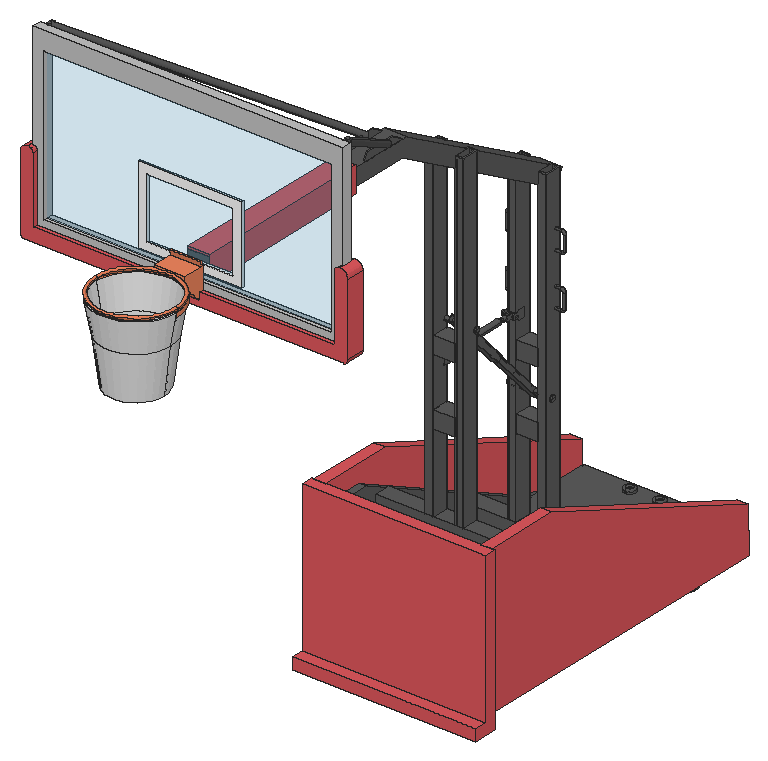
Revit family "Gymnasium-Eqpt_Basketball_IPIbybison_BA895G", category Specialty Equipment, Revit 2018 (continued)
Definition of nested family "Backboard_BA42XLGlass"
  Automatic sketch dimensions
    Extrusion 2 sketch curve to Extrusion 2 sketch curve = 0' - 1"  (x4)
    Extrusion 2 sketch curve to Extrusion 2 sketch curve = 0' - 1 3/4"
    Extrusion 2 sketch curve to Extrusion 2 sketch curve = 0' - 0 1/4"
    level to Extrusion 2 sketch curve = 0' - 10.4443"
    plane 3 "Center (Left/Right)" to Extrusion 2 sketch curve = 2' - 10.98582"
    Extrusion 2 sketch curve to Extrusion 2 sketch curve = 0' - 0.27835"
    Extrusion 2 sketch curve to Extrusion 2 sketch curve = 0' - 2.02835"
    Extrusion 2 sketch curve to level = 0' - 4.91435"
    Extrusion 2 sketch curve to Extrusion 2 sketch curve = 0' - 2.14135"
    Revolve 3 sketch curve to plane 3 "Center (Left/Right)" = 0' - 0"
    Revolve 3 sketch curve to plane 3 "Center (Left/Right)" = 0' - 6.38167"
    Revolve 3 sketch curve to Revolve 3 sketch curve = 0' - 0.25246"
    Revolve 3 sketch curve to plane 3 "Center (Left/Right)" = 0' - 7.91808"
    Revolve 3 sketch curve to Revolve 3 sketch curve = 0' - 0.24696"
    Revolve 3 sketch curve to level = 0' - 1.03933"
    Revolve 3 sketch curve to Revolve 3 sketch curve = 0' - 1.0485"
    Revolve 3 sketch curve to level = 0' - 0.30954"
    Revolve 3 sketch curve to Revolve 3 sketch curve = 0' - 0.07999"
    Revolve 3 sketch curve to Revolve 3 sketch curve = 0' - 0.25386"
    Revolve 3 sketch curve to Revolve 3 sketch curve = 0' - 7.34694"
    Revolve 3 sketch curve to Revolve 3 sketch curve = 0' - 0.03911"
    Revolve 3 sketch curve to Revolve 3 sketch curve = 0' - 10.89295"
    Revolve 3 sketch curve to level = 0' - 0.00754"
    level to Revolve 3 sketch curve = 0' - 2.99246"
    Revolve 4 sketch curve to level = 0' - 2 1/8"
    Revolve 4 sketch curve to plane 1 "Center (Front/Back)" = 1' - 5.83371"
    Revolve 4 sketch curve to Revolve 4 sketch curve = 0' - 0 1/4"
    Revolve 4 sketch curve to level = 0' - 0 5/8"  (x2)
    Revolve 4 sketch curve to Revolve 4 sketch curve = 0' - 9 1/4"
    level to Revolve 4 sketch curve = 0' - 3 1/8"
    Extrusion 5 sketch curve to level = 0' - 0"  (x2)
    Extrusion 5 sketch curve to plane 1 "Center (Front/Back)" = 1' - 0.47078"
    level to Extrusion 5 sketch curve = 0' - 1.29513"
    Extrusion 5 sketch curve to Extrusion 5 sketch curve = 0' - 0.32291"
    Extrusion 5 sketch curve to Extrusion 5 sketch curve = 0' - 0.35043"
    Extrusion 5 sketch curve to Extrusion 5 sketch curve = 0' - 1.16059"
    Extrusion 5 sketch curve to Extrusion 5 sketch curve = 0' - 4.57363"
    Extrusion 5 sketch curve to Extrusion 5 sketch curve = 0' - 2.43414"
    Extrusion 5 sketch curve to Extrusion 5 sketch curve = 0' - 6 1/2"
    Extrusion 6 sketch curve to level = 0' - 0"
    Extrusion 6 sketch curve to level = 0' - 1.9977"
    Extrusion 6 sketch curve to plane 3 "Center (Left/Right)" = 1' - 0"
    Extrusion 6 sketch curve to Extrusion 6 sketch curve = 0' - 2"  (x3)
    plane 3 "Center (Left/Right)" to Extrusion 6 sketch curve = 0' - 10"
    Extrusion 6 sketch curve to Extrusion 6 sketch curve = 1' - 2.0023"
    Extrusion 7 sketch curve to plane 3 "Center (Left/Right)" = 2' - 9 3/8"
    Extrusion 7 sketch curve to level = 0' - 3.4307"
    plane 3 "Center (Left/Right)" to Extrusion 7 sketch curve = 2' - 9 3/8"
    level to Extrusion 7 sketch curve = 2' - 7.6943"
    radius of Revolve 3 sketch curve = 0' - 0 5/16"
